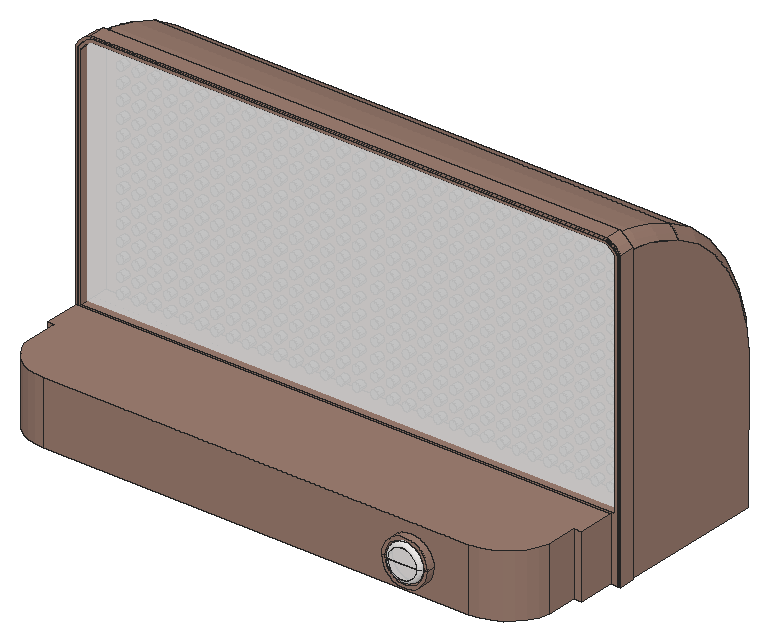
Revit family "LNC4(Recovery)", category Lighting Fixtures, host Face, Revit 2014
Parameters
  Wings = Paint - Hubbell - Light Silver
  Watts = 124.6 W
  Wattage Comments = "124.6"
  Wattage = 124.6 W
  Warranty = "5 years Warranty"  # constant formula
  built-in parameter 1150110 = 1 (stored number, unit not read)
  Voltage = 120 V
  URL = "https://www.hubbell.com/whiteway/en/"
  built-in parameter 1114217 = 1 (stored number, unit not read)
  Tilt Angle = -90.00°
  built-in parameter 1150109 = 1 (stored number, unit not read)
  built-in parameter 1150134 = 3
  built-in parameter 1150113 = 1 (stored number, unit not read)
  Reflector Finish = Hubbell - White Glass
  Product Link = "https://www.hubbell.com/whiteway/en/Products/Lighting-Controls/Commercial-Outdoor-Lighting/Wall-Mount/LNC4-Litepak/p/4498849"
  Product Documentation Link = "https://hubbellcdn.com/specsheet/lnc4_spec.pdf"
  Power Factor = 1
  Photometric Web File = "LNC4-36L-3K-035-2-U.ies"
  Model = "LNC4"  # constant formula
  Manufacturer = "Whiteway"  # constant formula
  built-in parameter 1150105 = 855.69 (stored number, unit not read)
  Lumens = 10753 lm
  built-in parameter 1150115 = 1 (stored number, unit not read)
  Load Classification = Lighting
  built-in parameter 1150137 = (empty or 0)
  built-in parameter 1150139 = (empty or 0)
  built-in parameter 1150112 = 1 (stored number, unit not read)
  built-in parameter 1150114 = 1 (stored number, unit not read)
  Lamp = "LED"  # constant formula
  built-in parameter 1150132 = (empty or 0)
  built-in parameter 1150102 = (empty or 0)
  built-in parameter 1150107 = 3200 (stored number, unit not read)
  built-in parameter 1150138 = (empty or 0)
  built-in parameter 1150106 = 8.5569 (stored number, unit not read)
  Housing Material = Hubbell - Light Brown
  Fixture distribution = "Direct"  # constant formula
  Features = "• Litepak LNC4 features four different lumen packages and multiple\r\ndistributions and CCT for maximum light level and mounting height flexibility\r\n• Capable of replacing up to 400w HID solutions at over 70% energy savings\r\n• Easy to install and retrofit existing HID luminaires with same footprint\r\n• Zero uplight Compact LED Architectural Wallpack\r\n• Inverted up mounting capable\r\n• Control capabilities offer additional energy savings options\r\n• Ideal applications include: perimeter illumination, schools, factories,\r\nhospitals, warehouses and retail applications"  # constant formula
  Emit from Rectangle Width = 17"  # constant formula
  Emit from Rectangle Length = 8"  # constant formula
  Emit Shape Visible in Rendering = no
  built-in parameter 1150104 = 8.0175 (stored number, unit not read)
  Dimming Lamp Color Temperature Shift = <None>
  Description = "Large LED Litepak"  # constant formula
  Default Elevation = 48"
  Copyright = " ©2020 Whiteway, a division of Hubbell Lighting, Inc"  # constant formula
  Contact = "https://www.hubbell.com/whiteway/en/contactUs"
  Connector Description = "Lighting Connector"  # constant formula
  Color Filter = 16777215
  built-in parameter 1114218 = 1 (stored number, unit not read)
  built-in parameter 1150133 = 10 (stored number, unit not read)
  Assembly Code = "D5020200"
  Apparent Load = Watts / Power Factor  # 124.6 VA
Reference planes
  plane 1 "Center (Front/Back)": y = 0
  plane 2: z = 0
  plane 3 "Center (Left/Right)": x = 0
  plane 4: x = -218.48
  plane 5: x = 218.48
  plane 6: y = 113.01
  plane 7: y = -113.01
  plane 8: z = 251.46
Forms (mm)
  Extrusion 1, solid, material "Hubbell - Light Brown" <- "Housing Material"
    sketch origin (0, 0, 0) x (1, 0, 0) y (0, 1, 0)
      loop
        line (-174.427, -112.216) -> (168.87, -112.216)
        arc (168.87, -112.216) -> (194.27, -102.972) -> (207.785, -79.563) r 39.515
        line (207.785, -79.563) -> (207.785, -54.957) -> (214.135, -54.957) -> (214.135, -14.096)
        arc (214.135, -14.096) -> (209.804, -9.446) -> (205.155, -5.115) r 89.707
        arc (205.155, -5.115) -> (194.889, 51.3) -> (175.572, 105.29) r 350.921
        arc (175.572, 105.29) -> (172.844, 109.616) -> (169.046, 113.042) r 18.697
        line (169.046, 113.042) -> (-1.882, 113.042) -> (-177.046, 113.042)
        arc (-177.046, 113.042) -> (-177.965, 111.586) -> (-178.747, 110.052) r 18.697
        arc (-178.747, 110.052) -> (-198.727, 53.551) -> (-208.801, -5.527) r 350.921
        arc (-208.801, -5.527) -> (-213.2, -9.668) -> (-217.31, -14.096) r 89.707
        line (-217.31, -14.096) -> (-217.31, -54.957) -> (-212.151, -54.957) -> (-212.151, -84.463)
        arc (-212.151, -84.463) -> (-197.843, -104.53) -> (-174.427, -112.216) r 39.515
    from 0 to 50.8
  Extrusion 2, solid, material "Hubbell - Light Brown" <- "Housing Material"
    sketch origin (0, 0, 0) x (0, 1, 0) y (0, 0, 1)
      loop
        line (-25.4, 0) -> (113.01, 0) -> (113.01, 112.484)
        arc (113.01, 112.484) -> (92.568, 183.434) -> (37.511, 232.632) r 133.35
        arc (37.511, 232.632) -> (6.862, 243.603) -> (-25.4, 247.945) r 155.325
        line (-25.4, 247.945) -> (-25.4, 0)
    from -217.31 to 220.737
  Sweep 3, void
    path in 3D
      loop
        line (-217.31, 113.01, 0) -> (-217.31, 113.01, 112.484)
        arc (-217.31, 113.01, 112.484) -> (-217.31, 92.568, 183.434) -> (-217.31, 37.511, 232.632) r 133.35
        arc (-217.31, 37.511, 232.632) -> (-217.31, 6.862, 243.603) -> (-217.31, -25.4, 247.945) r 155.325
    profile origin (-217.31, 92.568, 183.434) x (0, 0.846707, 0.53206) y (-1, 0, 0)
      loop
        line (0, 0) -> (-10.069, 0)
        arc (-10.069, 0) -> (-4.186, -5.098) -> (0, -11.661) r 27.023
        line (0, -11.661) -> (0, 0)
  Sweep 4, void
    path in 3D
      loop
        line (222.073, 113.01, 0) -> (222.073, 113.01, 112.484)
        arc (222.073, 113.01, 112.484) -> (222.073, 92.568, 183.434) -> (222.073, 37.511, 232.632) r 133.35
        arc (222.073, 37.511, 232.632) -> (222.073, 6.862, 243.603) -> (222.073, -25.4, 247.945) r 155.325
    profile origin (222.073, 92.568, 183.434) x (0, -0.846707, -0.53206) y (1, 0, 0)
      loop
        line (0, 0) -> (0, -11.661)
        arc (0, -11.661) -> (4.186, -5.098) -> (10.069, 0) r 27.023
        line (10.069, 0) -> (0, 0)
  Sweep 5, solid, material "Hubbell - Light Brown" <- "Housing Material"
    path in 3D
      loop
        line (220.737, -25.4, 0) -> (220.737, -25.4, 239.774)
        spline (220.737, -25.4, 239.774) -> (220.03, -25.4, 240.65) -> (219.296, -25.4, 241.491) -> (218.534, -25.4, 242.296) -> (217.744, -25.4, 243.066) -> (216.926, -25.4, 243.8) -> (216.079, -25.4, 244.499) -> (215.205, -25.4, 245.162) -> (214.302, -25.4, 245.789) -> (213.372, -25.4, 246.382) -> (212.413, -25.4, 246.938) -> (211.427, -25.4, 247.46) -> (210.412, -25.4, 247.945)
        line (210.412, -25.4, 247.945) -> (-205.649, -25.4, 247.945)
        spline (-205.649, -25.4, 247.945) -> (-206.83, -25.4, 247.377) -> (-207.975, -25.4, 246.759) -> (-209.084, -25.4, 246.088) -> (-210.16, -25.4, 245.365) -> (-211.202, -25.4, 244.588) -> (-212.209, -25.4, 243.76) -> (-213.174, -25.4, 242.885) -> (-214.095, -25.4, 241.966) -> (-214.969, -25.4, 241.006) -> (-215.795, -25.4, 240.004) -> (-216.575, -25.4, 238.96) -> (-217.31, -25.4, 237.872)
        line (-217.31, -25.4, 237.872) -> (-217.31, -25.4, 0)
    profile origin (2.381, -25.4, 247.945) x (0, 0, -1) y (0, -1, 0)
      loop
        line (-1.128, 0) -> (-1.128, -12.7) -> (0.909, -12.7) -> (0.909, 0) -> (-1.128, 0)
  Extrusion 6, void
    sketch origin (0, 0, 0) x (1, 0, 0) y (0, 0, 1)
      loop
        spline (-204.871, 244.457) -> (-205.757, 244.001) -> (-206.617, 243.512) -> (-207.454, 242.988) -> (-208.271, 242.427) -> (-209.064, 241.831) -> (-209.831, 241.203) -> (-210.569, 240.546) -> (-211.279, 239.859) -> (-211.958, 239.142) -> (-212.609, 238.395) -> (-213.23, 237.618) -> (-213.822, 236.811)
        line (-213.822, 236.811) -> (-213.822, 51.792) -> (217.248, 51.792) -> (217.248, 238.539)
        spline (217.248, 238.539) -> (216.706, 239.155) -> (216.148, 239.748) -> (215.575, 240.317) -> (214.984, 240.864) -> (214.377, 241.389) -> (213.753, 241.891) -> (213.111, 242.372) -> (212.452, 242.831) -> (211.775, 243.269) -> (211.079, 243.686) -> (210.364, 244.082) -> (209.63, 244.457)
        line (209.63, 244.457) -> (-204.871, 244.457)
    from 0 to 25.4
  Extrusion 7, solid, material "Paint - Hubbell - Light Silver" <- "Wings"
    sketch origin (0, 0, 0) x (1, 0, 0) y (0, 0, 1)
      loop
        circle (-197.949, 233.541) r 3.143
      loop
        circle (-197.949, 220.841) r 3.143
      loop
        circle (-197.949, 208.141) r 3.143
      loop
        circle (-197.949, 195.441) r 3.143
      loop
        circle (-197.949, 182.741) r 3.143
      loop
        circle (-197.949, 170.041) r 3.143
      loop
        circle (-197.949, 157.341) r 3.143
      loop
        circle (-197.949, 144.641) r 3.143
      loop
        circle (-197.949, 131.941) r 3.143
      loop
        circle (-197.949, 119.241) r 3.143
      loop
        circle (-197.949, 106.541) r 3.143
      loop
        circle (-197.949, 93.841) r 3.143
      loop
        circle (-197.949, 81.141) r 3.143
      loop
        circle (-197.949, 68.441) r 3.143
      loop
        circle (-197.949, 55.741) r 3.143
      loop
        circle (-185.249, 233.541) r 3.143
      loop
        circle (-185.249, 220.841) r 3.143
      loop
        circle (-185.249, 208.141) r 3.143
      loop
        circle (-185.249, 195.441) r 3.143
      loop
        circle (-185.249, 182.741) r 3.143
      loop
        circle (-185.249, 170.041) r 3.143
      loop
        circle (-185.249, 157.341) r 3.143
      loop
        circle (-185.249, 144.641) r 3.143
      loop
        circle (-185.249, 131.941) r 3.143
      loop
        circle (-185.249, 119.241) r 3.143
      loop
        circle (-185.249, 106.541) r 3.143
      loop
        circle (-185.249, 93.841) r 3.143
      loop
        circle (-185.249, 81.141) r 3.143
      loop
        circle (-185.249, 68.441) r 3.143
      loop
        circle (-185.249, 55.741) r 3.143
      loop
        circle (-172.549, 233.541) r 3.143
      loop
        circle (-172.549, 220.841) r 3.143
      loop
        circle (-172.549, 208.141) r 3.143
      loop
        circle (-172.549, 195.441) r 3.143
      loop
        circle (-172.549, 182.741) r 3.143
      loop
        circle (-172.549, 170.041) r 3.143
      loop
        circle (-172.549, 157.341) r 3.143
      loop
        circle (-172.549, 144.641) r 3.143
      loop
        circle (-172.549, 131.941) r 3.143
      loop
        circle (-172.549, 119.241) r 3.143
      loop
        circle (-172.549, 106.541) r 3.143
      loop
        circle (-172.549, 93.841) r 3.143
      loop
        circle (-172.549, 81.141) r 3.143
      loop
        circle (-172.549, 68.441) r 3.143
      loop
        circle (-172.549, 55.741) r 3.143
      loop
        circle (-159.849, 233.541) r 3.143
      loop
        circle (-159.849, 220.841) r 3.143
      loop
        circle (-159.849, 208.141) r 3.143
      loop
        circle (-159.849, 195.441) r 3.143
      loop
        circle (-159.849, 182.741) r 3.143
      loop
        circle (-159.849, 170.041) r 3.143
      loop
        circle (-159.849, 157.341) r 3.143
      loop
        circle (-159.849, 144.641) r 3.143
      loop
        circle (-159.849, 131.941) r 3.143
      loop
        circle (-159.849, 119.241) r 3.143
      loop
        circle (-159.849, 106.541) r 3.143
      loop
        circle (-159.849, 93.841) r 3.143
      loop
        circle (-159.849, 81.141) r 3.143
      loop
        circle (-159.849, 68.441) r 3.143
      loop
        circle (-159.849, 55.741) r 3.143
      loop
        circle (-147.149, 233.541) r 3.143
      loop
        circle (-147.149, 220.841) r 3.143
      loop
        circle (-147.149, 208.141) r 3.143
      loop
        circle (-147.149, 195.441) r 3.143
      loop
        circle (-147.149, 182.741) r 3.143
      loop
        circle (-147.149, 170.041) r 3.143
      loop
        circle (-147.149, 157.341) r 3.143
      loop
        circle (-147.149, 144.641) r 3.143
      loop
        circle (-147.149, 131.941) r 3.143
      loop
        circle (-147.149, 119.241) r 3.143
      loop
        circle (-147.149, 106.541) r 3.143
      loop
        circle (-147.149, 93.841) r 3.143
      loop
        circle (-147.149, 81.141) r 3.143
      loop
        circle (-147.149, 68.441) r 3.143
      loop
        circle (-147.149, 55.741) r 3.143
      loop
        circle (-134.449, 233.541) r 3.143
      loop
        circle (-134.449, 220.841) r 3.143
      loop
        circle (-134.449, 208.141) r 3.143
      loop
        circle (-134.449, 195.441) r 3.143
      loop
        circle (-134.449, 182.741) r 3.143
      loop
        circle (-134.449, 170.041) r 3.143
      loop
        circle (-134.449, 157.341) r 3.143
      loop
        circle (-134.449, 144.641) r 3.143
      loop
        circle (-134.449, 131.941) r 3.143
      loop
        circle (-134.449, 119.241) r 3.143
      loop
        circle (-134.449, 106.541) r 3.143
      loop
        circle (-134.449, 93.841) r 3.143
      loop
        circle (-134.449, 81.141) r 3.143
      loop
        circle (-134.449, 68.441) r 3.143
      loop
        circle (-134.449, 55.741) r 3.143
      loop
        circle (-121.749, 233.541) r 3.143
      loop
        circle (-121.749, 220.841) r 3.143
      loop
        circle (-121.749, 208.141) r 3.143
      loop
        circle (-121.749, 195.441) r 3.143
      loop
        circle (-121.749, 182.741) r 3.143
      loop
        circle (-121.749, 170.041) r 3.143
      loop
        circle (-121.749, 157.341) r 3.143
      loop
        circle (-121.749, 144.641) r 3.143
      loop
        circle (-121.749, 131.941) r 3.143
      loop
        circle (-121.749, 119.241) r 3.143
      loop
        circle (-121.749, 106.541) r 3.143
      loop
        circle (-121.749, 93.841) r 3.143
      loop
        circle (-121.749, 81.141) r 3.143
      loop
        circle (-121.749, 68.441) r 3.143
      loop
        circle (-121.749, 55.741) r 3.143
      loop
        circle (-109.049, 233.541) r 3.143
      loop
        circle (-109.049, 220.841) r 3.143
      loop
        circle (-109.049, 208.141) r 3.143
      loop
        circle (-109.049, 195.441) r 3.143
      loop
        circle (-109.049, 182.741) r 3.143
      loop
        circle (-109.049, 170.041) r 3.143
      loop
        circle (-109.049, 157.341) r 3.143
      loop
        circle (-109.049, 144.641) r 3.143
      loop
        circle (-109.049, 131.941) r 3.143
      loop
        circle (-109.049, 119.241) r 3.143
      loop
        circle (-109.049, 106.541) r 3.143
      loop
        circle (-109.049, 93.841) r 3.143
      loop
        circle (-109.049, 81.141) r 3.143
      loop
        circle (-109.049, 68.441) r 3.143
      loop
        circle (-109.049, 55.741) r 3.143
      loop
        circle (-96.349, 233.541) r 3.143
      loop
        circle (-96.349, 220.841) r 3.143
      loop
        circle (-96.349, 208.141) r 3.143
      loop
        circle (-96.349, 195.441) r 3.143
      loop
        circle (-96.349, 182.741) r 3.143
      loop
        circle (-96.349, 170.041) r 3.143
      loop
        circle (-96.349, 157.341) r 3.143
      loop
        circle (-96.349, 144.641) r 3.143
      loop
        circle (-96.349, 131.941) r 3.143
      loop
        circle (-96.349, 119.241) r 3.143
      loop
        circle (-96.349, 106.541) r 3.143
      loop
        circle (-96.349, 93.841) r 3.143
      loop
        circle (-96.349, 81.141) r 3.143
      loop
        circle (-96.349, 68.441) r 3.143
      loop
        circle (-96.349, 55.741) r 3.143
      loop
        circle (-83.649, 233.541) r 3.143
      loop
        circle (-83.649, 220.841) r 3.143
      loop
        circle (-83.649, 208.141) r 3.143
      loop
        circle (-83.649, 195.441) r 3.143
      loop
        circle (-83.649, 182.741) r 3.143
      loop
        circle (-83.649, 170.041) r 3.143
      loop
        circle (-83.649, 157.341) r 3.143
      loop
        circle (-83.649, 144.641) r 3.143
      loop
        circle (-83.649, 131.941) r 3.143
      loop
        circle (-83.649, 119.241) r 3.143
      loop
        circle (-83.649, 106.541) r 3.143
      loop
        circle (-83.649, 93.841) r 3.143
      loop
        circle (-83.649, 81.141) r 3.143
      loop
        circle (-83.649, 68.441) r 3.143
      loop
        circle (-83.649, 55.741) r 3.143
      loop
        circle (-70.949, 233.541) r 3.143
      loop
        circle (-70.949, 220.841) r 3.143
      loop
        circle (-70.949, 208.141) r 3.143
      loop
        circle (-70.949, 195.441) r 3.143
      loop
        circle (-70.949, 182.741) r 3.143
      loop
        circle (-70.949, 170.041) r 3.143
      loop
        circle (-70.949, 157.341) r 3.143
      loop
        circle (-70.949, 144.641) r 3.143
      loop
        circle (-70.949, 131.941) r 3.143
      loop
        circle (-70.949, 119.241) r 3.143
      loop
        circle (-70.949, 106.541) r 3.143
      loop
        circle (-70.949, 93.841) r 3.143
      loop
        circle (-70.949, 81.141) r 3.143
      loop
        circle (-70.949, 68.441) r 3.143
      loop
        circle (-70.949, 55.741) r 3.143
      loop
        circle (-58.249, 233.541) r 3.143
      loop
        circle (-58.249, 220.841) r 3.143
      loop
        circle (-58.249, 208.141) r 3.143
      loop
        circle (-58.249, 195.441) r 3.143
      loop
        circle (-58.249, 182.741) r 3.143
      loop
        circle (-58.249, 170.041) r 3.143
      loop
        circle (-58.249, 157.341) r 3.143
      loop
        circle (-58.249, 144.641) r 3.143
      loop
        circle (-58.249, 131.941) r 3.143
      loop
        circle (-58.249, 119.241) r 3.143
      loop
        circle (-58.249, 106.541) r 3.143
      loop
        circle (-58.249, 93.841) r 3.143
      loop
        circle (-58.249, 81.141) r 3.143
      loop
        circle (-58.249, 68.441) r 3.143
      loop
        circle (-58.249, 55.741) r 3.143
      loop
        circle (-45.549, 233.541) r 3.143
      loop
        circle (-45.549, 220.841) r 3.143
      loop
        circle (-45.549, 208.141) r 3.143
      loop
        circle (-45.549, 195.441) r 3.143
      loop
        circle (-45.549, 182.741) r 3.143
      loop
        circle (-45.549, 170.041) r 3.143
      loop
        circle (-45.549, 157.341) r 3.143
      loop
        circle (-45.549, 144.641) r 3.143
      loop
        circle (-45.549, 131.941) r 3.143
      loop
        circle (-45.549, 119.241) r 3.143
      loop
        circle (-45.549, 106.541) r 3.143
      loop
        circle (-45.549, 93.841) r 3.143
      loop
        circle (-45.549, 81.141) r 3.143
      loop
        circle (-45.549, 68.441) r 3.143
      loop
        circle (-45.549, 55.741) r 3.143
      loop
        circle (-32.849, 233.541) r 3.143
      loop
        circle (-32.849, 220.841) r 3.143
      loop
        circle (-32.849, 208.141) r 3.143
      loop
        circle (-32.849, 195.441) r 3.143
      loop
        circle (-32.849, 182.741) r 3.143
      loop
        circle (-32.849, 170.041) r 3.143
      loop
        circle (-32.849, 157.341) r 3.143
      loop
        circle (-32.849, 144.641) r 3.143
      loop
        circle (-32.849, 131.941) r 3.143
      loop
        circle (-32.849, 119.241) r 3.143
      loop
        circle (-32.849, 106.541) r 3.143
      loop
        circle (-32.849, 93.841) r 3.143
      loop
        circle (-32.849, 81.141) r 3.143
      loop
        circle (-32.849, 68.441) r 3.143
      loop
        circle (-32.849, 55.741) r 3.143
      loop
        circle (-20.149, 233.541) r 3.143
      loop
        circle (-20.149, 220.841) r 3.143
      loop
        circle (-20.149, 208.141) r 3.143
      loop
        circle (-20.149, 195.441) r 3.143
      loop
        circle (-20.149, 182.741) r 3.143
      loop
        circle (-20.149, 170.041) r 3.143
      loop
        circle (-20.149, 157.341) r 3.143
      loop
        circle (-20.149, 144.641) r 3.143
      loop
        circle (-20.149, 131.941) r 3.143
      loop
        circle (-20.149, 119.241) r 3.143
      loop
        circle (-20.149, 106.541) r 3.143
      loop
        circle (-20.149, 93.841) r 3.143
      loop
        circle (-20.149, 81.141) r 3.143
      loop
        circle (-20.149, 68.441) r 3.143
      loop
        circle (-20.149, 55.741) r 3.143
      loop
        circle (-7.449, 233.541) r 3.143
      loop
        circle (-7.449, 220.841) r 3.143
      loop
        circle (-7.449, 208.141) r 3.143
      loop
        circle (-7.449, 195.441) r 3.143
      loop
        circle (-7.449, 182.741) r 3.143
      loop
        circle (-7.449, 170.041) r 3.143
      loop
        circle (-7.449, 157.341) r 3.143
      loop
        circle (-7.449, 144.641) r 3.143
      loop
        circle (-7.449, 131.941) r 3.143
      loop
        circle (-7.449, 119.241) r 3.143
      loop
        circle (-7.449, 106.541) r 3.143
      loop
        circle (-7.449, 93.841) r 3.143
      loop
        circle (-7.449, 81.141) r 3.143
      loop
        circle (-7.449, 68.441) r 3.143
      loop
        circle (-7.449, 55.741) r 3.143
      loop
        circle (197.949, 233.541) r 3.143
      loop
        circle (197.949, 220.841) r 3.143
      loop
        circle (197.949, 208.141) r 3.143
      loop
        circle (197.949, 195.441) r 3.143
      loop
        circle (197.949, 182.741) r 3.143
      loop
        circle (197.949, 170.041) r 3.143
      loop
        circle (197.949, 157.341) r 3.143
      loop
        circle (197.949, 144.641) r 3.143
      loop
        circle (197.949, 131.941) r 3.143
      loop
        circle (197.949, 119.241) r 3.143
      loop
        circle (197.949, 106.541) r 3.143
      loop
        circle (197.949, 93.841) r 3.143
      loop
        circle (197.949, 81.141) r 3.143
      loop
        circle (197.949, 68.441) r 3.143
      loop
        circle (197.949, 55.741) r 3.143
      loop
        circle (185.249, 233.541) r 3.143
      loop
        circle (185.249, 220.841) r 3.143
      loop
        circle (185.249, 208.141) r 3.143
      loop
        circle (185.249, 195.441) r 3.143
      loop
        circle (185.249, 182.741) r 3.143
      loop
        circle (185.249, 170.041) r 3.143
      loop
        circle (185.249, 157.341) r 3.143
      loop
        circle (185.249, 144.641) r 3.143
      loop
        circle (185.249, 131.941) r 3.143
      loop
        circle (185.249, 119.241) r 3.143
      loop
        circle (185.249, 106.541) r 3.143
      loop
        circle (185.249, 93.841) r 3.143
      loop
        circle (185.249, 81.141) r 3.143
      loop
        circle (185.249, 68.441) r 3.143
      loop
        circle (185.249, 55.741) r 3.143
      loop
        circle (172.549, 233.541) r 3.143
      loop
        circle (172.549, 220.841) r 3.143
      loop
        circle (172.549, 208.141) r 3.143
      loop
        circle (172.549, 195.441) r 3.143
      loop
        circle (172.549, 182.741) r 3.143
      loop
        circle (172.549, 170.041) r 3.143
      loop
        circle (172.549, 157.341) r 3.143
      loop
        circle (172.549, 144.641) r 3.143
      loop
        circle (172.549, 131.941) r 3.143
      loop
        circle (172.549, 119.241) r 3.143
      loop
        circle (172.549, 106.541) r 3.143
      loop
        circle (172.549, 93.841) r 3.143
      loop
        circle (172.549, 81.141) r 3.143
      loop
        circle (172.549, 68.441) r 3.143
      loop
        circle (172.549, 55.741) r 3.143
      loop
        circle (159.849, 233.541) r 3.143
      loop
        circle (159.849, 220.841) r 3.143
      loop
        circle (159.849, 208.141) r 3.143
      loop
        circle (159.849, 195.441) r 3.143
      loop
        circle (159.849, 182.741) r 3.143
      loop
        circle (159.849, 170.041) r 3.143
      loop
        circle (159.849, 157.341) r 3.143
      loop
        circle (159.849, 144.641) r 3.143
      loop
        circle (159.849, 131.941) r 3.143
      loop
        circle (159.849, 119.241) r 3.143
      loop
        circle (159.849, 106.541) r 3.143
      loop
        circle (159.849, 93.841) r 3.143
      loop
        circle (159.849, 81.141) r 3.143
      loop
        circle (159.849, 68.441) r 3.143
      loop
        circle (159.849, 55.741) r 3.143
      loop
        circle (147.149, 233.541) r 3.143
      loop
        circle (147.149, 220.841) r 3.143
      loop
        circle (147.149, 208.141) r 3.143
      loop
        circle (147.149, 195.441) r 3.143
      loop
        circle (147.149, 182.741) r 3.143
      loop
        circle (147.149, 170.041) r 3.143
      loop
        circle (147.149, 157.341) r 3.143
      loop
        circle (147.149, 144.641) r 3.143
      loop
        circle (147.149, 131.941) r 3.143
      loop
        circle (147.149, 119.241) r 3.143
      loop
        circle (147.149, 106.541) r 3.143
      loop
        circle (147.149, 93.841) r 3.143
      loop
        circle (147.149, 81.141) r 3.143
      loop
        circle (147.149, 68.441) r 3.143
      loop
        circle (147.149, 55.741) r 3.143
      loop
        circle (134.449, 233.541) r 3.143
      loop
        circle (134.449, 220.841) r 3.143
      loop
        circle (134.449, 208.141) r 3.143
      loop
        circle (134.449, 195.441) r 3.143
      loop
        circle (134.449, 182.741) r 3.143
      loop
        circle (134.449, 170.041) r 3.143
      loop
        circle (134.449, 157.341) r 3.143
      loop
        circle (134.449, 144.641) r 3.143
      loop
        circle (134.449, 131.941) r 3.143
      loop
        circle (134.449, 119.241) r 3.143
      loop
        circle (134.449, 106.541) r 3.143
      loop
        circle (134.449, 93.841) r 3.143
      loop
        circle (134.449, 81.141) r 3.143
      loop
        circle (134.449, 68.441) r 3.143
      loop
        circle (134.449, 55.741) r 3.143
      loop
        circle (121.749, 233.541) r 3.143
      loop
        circle (121.749, 220.841) r 3.143
      loop
        circle (121.749, 208.141) r 3.143
      loop
        circle (121.749, 195.441) r 3.143
      loop
        circle (121.749, 182.741) r 3.143
      loop
        circle (121.749, 170.041) r 3.143
      loop
        circle (121.749, 157.341) r 3.143
      loop
        circle (121.749, 144.641) r 3.143
      loop
        circle (121.749, 131.941) r 3.143
      loop
        circle (121.749, 119.241) r 3.143
      loop
        circle (121.749, 106.541) r 3.143
      loop
        circle (121.749, 93.841) r 3.143
      loop
        circle (121.749, 81.141) r 3.143
      loop
        circle (121.749, 68.441) r 3.143
      loop
        circle (121.749, 55.741) r 3.143
      loop
        circle (109.049, 233.541) r 3.143
      loop
        circle (109.049, 220.841) r 3.143
      loop
        circle (109.049, 208.141) r 3.143
      loop
        circle (109.049, 195.441) r 3.143
      loop
        circle (109.049, 182.741) r 3.143
      loop
        circle (109.049, 170.041) r 3.143
      loop
        circle (109.049, 157.341) r 3.143
      loop
        circle (109.049, 144.641) r 3.143
      loop
        circle (109.049, 131.941) r 3.143
      loop
        circle (109.049, 119.241) r 3.143
      loop
        circle (109.049, 106.541) r 3.143
      loop
        circle (109.049, 93.841) r 3.143
      loop
        circle (109.049, 81.141) r 3.143
      loop
        circle (109.049, 68.441) r 3.143
      loop
        circle (109.049, 55.741) r 3.143
      loop
        circle (96.349, 233.541) r 3.143
      loop
        circle (96.349, 220.841) r 3.143
      loop
        circle (96.349, 208.141) r 3.143
      loop
        circle (96.349, 195.441) r 3.143
      loop
        circle (96.349, 182.741) r 3.143
      loop
        circle (96.349, 170.041) r 3.143
      loop
        circle (96.349, 157.341) r 3.143
      loop
        circle (96.349, 144.641) r 3.143
      loop
        circle (96.349, 131.941) r 3.143
      loop
        circle (96.349, 119.241) r 3.143
      loop
        circle (96.349, 106.541) r 3.143
      loop
        circle (96.349, 93.841) r 3.143
      loop
        circle (96.349, 81.141) r 3.143
      loop
        circle (96.349, 68.441) r 3.143
      loop
        circle (96.349, 55.741) r 3.143
      loop
        circle (83.649, 233.541) r 3.143
      loop
        circle (83.649, 220.841) r 3.143
      loop
        circle (83.649, 208.141) r 3.143
      loop
        circle (83.649, 195.441) r 3.143
      loop
        circle (83.649, 182.741) r 3.143
      loop
        circle (83.649, 170.041) r 3.143
      loop
        circle (83.649, 157.341) r 3.143
      loop
        circle (83.649, 144.641) r 3.143
      loop
        circle (83.649, 131.941) r 3.143
      loop
        circle (83.649, 119.241) r 3.143
      loop
        circle (83.649, 106.541) r 3.143
      loop
        circle (83.649, 93.841) r 3.143
      loop
        circle (83.649, 81.141) r 3.143
      loop
        circle (83.649, 68.441) r 3.143
      loop
        circle (83.649, 55.741) r 3.143
      loop
        circle (70.949, 233.541) r 3.143
      loop
        circle (70.949, 220.841) r 3.143
      loop
        circle (70.949, 208.141) r 3.143
      loop
        circle (70.949, 195.441) r 3.143
      loop
        circle (70.949, 182.741) r 3.143
      loop
        circle (70.949, 170.041) r 3.143
      loop
        circle (70.949, 157.341) r 3.143
      loop
        circle (70.949, 144.641) r 3.143
      loop
        circle (70.949, 131.941) r 3.143
      loop
        circle (70.949, 119.241) r 3.143
      loop
        circle (70.949, 106.541) r 3.143
      loop
        circle (70.949, 93.841) r 3.143
      loop
        circle (70.949, 81.141) r 3.143
      loop
        circle (70.949, 68.441) r 3.143
      loop
        circle (70.949, 55.741) r 3.143
      loop
        circle (58.249, 233.541) r 3.143
      loop
        circle (58.249, 220.841) r 3.143
      loop
        circle (58.249, 208.141) r 3.143
      loop
        circle (58.249, 195.441) r 3.143
      loop
        circle (58.249, 182.741) r 3.143
      loop
        circle (58.249, 170.041) r 3.143
      loop
        circle (58.249, 157.341) r 3.143
      loop
        circle (58.249, 144.641) r 3.143
      loop
        circle (58.249, 131.941) r 3.143
      loop
        circle (58.249, 119.241) r 3.143
      loop
        circle (58.249, 106.541) r 3.143
      loop
        circle (58.249, 93.841) r 3.143
      loop
        circle (58.249, 81.141) r 3.143
      loop
        circle (58.249, 68.441) r 3.143
      loop
        circle (58.249, 55.741) r 3.143
      loop
        circle (45.549, 233.541) r 3.143
      loop
        circle (45.549, 220.841) r 3.143
      loop
        circle (45.549, 208.141) r 3.143
      loop
        circle (45.549, 195.441) r 3.143
      loop
        circle (45.549, 182.741) r 3.143
      loop
        circle (45.549, 170.041) r 3.143
      loop
        circle (45.549, 157.341) r 3.143
      loop
        circle (45.549, 144.641) r 3.143
      loop
        circle (45.549, 131.941) r 3.143
      loop
        circle (45.549, 119.241) r 3.143
      loop
        circle (45.549, 106.541) r 3.143
      loop
        circle (45.549, 93.841) r 3.143
      loop
        circle (45.549, 81.141) r 3.143
      loop
        circle (45.549, 68.441) r 3.143
      loop
        circle (45.549, 55.741) r 3.143
      loop
        circle (32.849, 233.541) r 3.143
      loop
        circle (32.849, 220.841) r 3.143
      loop
        circle (32.849, 208.141) r 3.143
      loop
        circle (32.849, 195.441) r 3.143
      loop
        circle (32.849, 182.741) r 3.143
      loop
        circle (32.849, 170.041) r 3.143
      loop
        circle (32.849, 157.341) r 3.143
      loop
        circle (32.849, 144.641) r 3.143
      loop
        circle (32.849, 131.941) r 3.143
      loop
        circle (32.849, 119.241) r 3.143
      loop
        circle (32.849, 106.541) r 3.143
      loop
        circle (32.849, 93.841) r 3.143
      loop
        circle (32.849, 81.141) r 3.143
      loop
        circle (32.849, 68.441) r 3.143
      loop
        circle (32.849, 55.741) r 3.143
      loop
        circle (20.149, 233.541) r 3.143
      loop
        circle (20.149, 220.841) r 3.143
      loop
        circle (20.149, 208.141) r 3.143
      loop
        circle (20.149, 195.441) r 3.143
      loop
        circle (20.149, 182.741) r 3.143
      loop
        circle (20.149, 170.041) r 3.143
      loop
        circle (20.149, 157.341) r 3.143
      loop
        circle (20.149, 144.641) r 3.143
      loop
        circle (20.149, 131.941) r 3.143
      loop
        circle (20.149, 119.241) r 3.143
      loop
        circle (20.149, 106.541) r 3.143
      loop
        circle (20.149, 93.841) r 3.143
      loop
        circle (20.149, 81.141) r 3.143
      loop
        circle (20.149, 68.441) r 3.143
      loop
        circle (20.149, 55.741) r 3.143
      loop
        circle (7.449, 233.541) r 3.143
      loop
        circle (7.449, 220.841) r 3.143
      loop
        circle (7.449, 208.141) r 3.143
      loop
        circle (7.449, 195.441) r 3.143
      loop
        circle (7.449, 182.741) r 3.143
      loop
        circle (7.449, 170.041) r 3.143
      loop
        circle (7.449, 157.341) r 3.143
      loop
        circle (7.449, 144.641) r 3.143
      loop
        circle (7.449, 131.941) r 3.143
      loop
        circle (7.449, 119.241) r 3.143
      loop
        circle (7.449, 106.541) r 3.143
      loop
        circle (7.449, 93.841) r 3.143
      loop
        circle (7.449, 81.141) r 3.143
      loop
        circle (7.449, 68.441) r 3.143
      loop
        circle (7.449, 55.741) r 3.143
    from 0 to 5.607
  Extrusion 8, solid, material "Hubbell - White Glass" <- "Reflector Finish"
    sketch origin (0, 0, 0) x (1, 0, 0) y (0, 0, 1)
      loop
        line (217.248, 50.8) -> (217.248, 238.539)
        spline (217.248, 238.539) -> (216.706, 239.155) -> (216.148, 239.748) -> (215.575, 240.317) -> (214.984, 240.864) -> (214.377, 241.389) -> (213.753, 241.891) -> (213.111, 242.372) -> (212.452, 242.831) -> (211.775, 243.269) -> (211.079, 243.686) -> (210.364, 244.082) -> (209.63, 244.457)
        line (209.63, 244.457) -> (-204.871, 244.457)
        spline (-204.871, 244.457) -> (-205.757, 244.001) -> (-206.617, 243.512) -> (-207.454, 242.988) -> (-208.271, 242.427) -> (-209.064, 241.831) -> (-209.831, 241.203) -> (-210.569, 240.546) -> (-211.279, 239.859) -> (-211.958, 239.142) -> (-212.609, 238.395) -> (-213.23, 237.618) -> (-213.822, 236.811)
        line (-213.822, 236.811) -> (-213.822, 50.8) -> (217.248, 50.8)
    from 12.7 to 19.177
  Revolve 9, solid, material "Hubbell - Light Brown" <- "Housing Material"
    sketch origin (0, 0, 23.812) x (1, 0, 0) y (0, 1, 0)
      loop
        line (137.881, -112.216) -> (137.881, -118.566) -> (140.447, -118.566) -> (140.447, -112.216) -> (137.881, -112.216)
      axis (122.006, -112.216) -> (122.006, -118.566)
    angle from 0 to 360
  Revolve 10, solid, material "Hubbell - White Glass" <- "Reflector Finish"
    sketch origin (0, 0, 23.528) x (1, 0, 0) y (0, 1, 0)
      loop
        line (136.682, -112.216) -> (122.006, -112.216) -> (122.006, -120.75) -> (133.543, -120.75)
        arc (133.543, -120.75) -> (135.762, -119.83) -> (136.682, -117.611) r 3.139
        line (136.682, -117.611) -> (136.682, -112.216)
      axis (122.006, -112.216) -> (122.006, -120.75)
    angle from 0 to 360
  Revolve 11, solid, material "Hubbell - Light Brown" <- "Housing Material"
    sketch origin (-127, -2.307, 23.812) x (1, 0, 0) y (0, 1, 0)
      loop
        line (137.881, 112.216) -> (140.447, 112.216) -> (140.447, 118.566) -> (137.881, 118.566) -> (137.881, 112.216)
      axis (122.006, 112.216) -> (122.006, 118.566)
    angle from 0 to 360
  Revolve 12, solid, material "Hubbell - White Glass" <- "Reflector Finish"
    sketch origin (-127, -2.307, 23.528) x (1, 0, 0) y (0, 1, 0)
      loop
        line (136.682, 112.216) -> (136.682, 117.611)
        arc (136.682, 117.611) -> (135.762, 119.83) -> (133.543, 120.75) r 3.139
        line (133.543, 120.75) -> (122.006, 120.75) -> (122.006, 112.216) -> (136.682, 112.216)
      axis (122.006, 112.216) -> (122.006, 120.75)
    angle from 0 to 360
Cuts and joins
  Sweep 3, Sweep 4, Extrusion 6 cuts Extrusion 2
Lines and regions (mm)
  sketch lines
    curve 1: arc (-217.31, 113.01, 112.484) -> (-217.31, 92.568, 183.434) -> (-217.31, 37.511, 232.632) r 133.35
    curve 2: arc (-217.31, 37.511, 232.632) -> (-217.31, 6.862, 243.603) -> (-217.31, -25.4, 247.945) r 155.325
    curve 3: line (-217.31, 113.01, 112.484) -> (-217.31, 113.01, 0)
    curve 4: arc (222.073, 113.01, 112.484) -> (222.073, 92.568, 183.434) -> (222.073, 37.511, 232.632) r 133.35
    curve 5: arc (222.073, 37.511, 232.632) -> (222.073, 6.862, 243.603) -> (222.073, -25.4, 247.945) r 155.325
    curve 6: line (222.073, 113.01, 112.484) -> (222.073, 113.01, 0)
    curve 7: line (210.412, -25.4, 247.945) -> (-205.649, -25.4, 247.945)
    curve 8: spline (220.737, -25.4, 239.774) -> (220.03, -25.4, 240.65) -> (219.296, -25.4, 241.491) -> (218.534, -25.4, 242.296) -> (217.744, -25.4, 243.066) -> (216.926, -25.4, 243.8) -> (216.079, -25.4, 244.499) -> (215.205, -25.4, 245.162) -> (214.302, -25.4, 245.789) -> (213.372, -25.4, 246.382) -> (212.413, -25.4, 246.938) -> (211.427, -25.4, 247.46) -> (210.412, -25.4, 247.945)
    curve 9: line (220.737, -25.4, 239.774) -> (220.737, -25.4, 0)
    curve 10: spline (-205.649, -25.4, 247.945) -> (-206.83, -25.4, 247.377) -> (-207.975, -25.4, 246.759) -> (-209.084, -25.4, 246.088) -> (-210.16, -25.4, 245.365) -> (-211.202, -25.4, 244.588) -> (-212.209, -25.4, 243.76) -> (-213.174, -25.4, 242.885) -> (-214.095, -25.4, 241.966) -> (-214.969, -25.4, 241.006) -> (-215.795, -25.4, 240.004) -> (-216.575, -25.4, 238.96) -> (-217.31, -25.4, 237.872)
    curve 11: line (-217.31, -25.4, 0) -> (-217.31, -25.4, 237.872)
Dimensions and locks
  plane 8 to plane 2 = 9.9"
  aligned and locked: plane 2 to host face
  aligned and locked: level to host face
Connectors
  electrical at (-2.196, -5.45, 0), driven by "Load Classification", driven by "Voltage", driven by "Apparent Load", driven by "Power Factor", driven by "Connector Description"
    settings: on Extrusion 1, index 1, voltage 120 V, apparent load 124.6 VA, apparent load phase1 0 VA, apparent load phase2 0 VA, apparent load phase3 0 VA, power factor 1, load classification "Lighting", number of poles 1, system type 30, power factor state 1, is connector primary yes, connector utility no, sub classification motor no, connector description "Lighting Connector"
